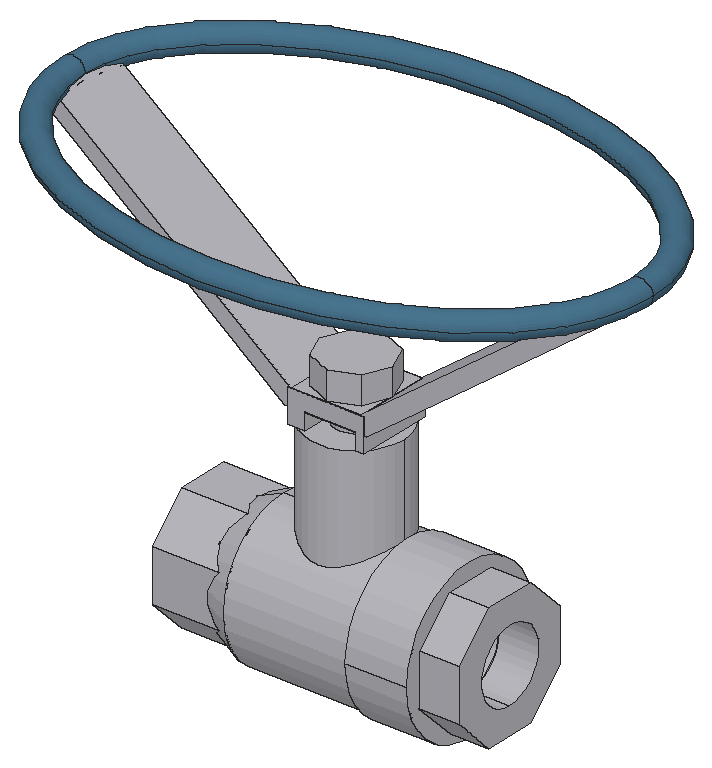
Revit family "200AOH-Ball-Valve", category Pipe Accessories, Revit 2018
Family settings
  Round Connector Dimension = Use Diameter
  Part Type = Valve - Breaks Into
  OmniClass Number = 23.60.30.11.14
  OmniClass Title = Pipework Fittings
  Work Plane-Based = No
  Always vertical = Yes
  Cut with Voids When Loaded = No
  Shared = No
Parameters
  Weight [instance] = size_lookup(LookupTable, "Weight", "NA", Nominal Diameter)  # "0.73 lbs."
  URL = "http://fnw.com"
  Standards Lookup Table = "Standards"  # constant formula
  Product ID Handle [instance] = size_lookup(LookupTable, "ProductIDHandle", "NA", Nominal Diameter)  # "4448728"
  Product ID [instance] = size_lookup(LookupTable, "ProductID", "NA", Nominal Diameter)  # "4106091"
  Pipe Diameter [instance] = size_lookup(Standards Lookup Table, "pipe_dia", 0", Nominal Diameter)  # 0.54"
  Part Number Handle [instance] = size_lookup(LookupTable, "PartNumberHandle", "NA", Nominal Diameter)  # "FNW310AOHBD"
  Part Number [instance] = size_lookup(LookupTable, "PartNumber", "NA", Nominal Diameter)  # "FNW200AB"
  PIpe Radius [instance] = Pipe Diameter / 2  # 0.27"
  NPT Insert [instance] = size_lookup(Standards Lookup Table, "NPT_insert", 0", Nominal Diameter)  # 0.4018"
  Manufacturer = "FNW"  # constant formula
  Description BOM Handle [instance] = size_lookup(LookupTable, "Description_BOMHandle", "NA", Nominal Diameter)  # "1/4 - 1/2 OVAL Handle Kit 200A/310A BV"
  Description BOM [instance] = size_lookup(LookupTable, "Description_BOM", "NA", Nominal Diameter)  # "1/4 Stainless Steel 1000# Threaded 2 Piece Full Port BV"
  3_Z4 [instance] = size_lookup(LookupTable, "3_Z4", 0", Nominal Diameter)  # 0"
  3_Z3 [instance] = size_lookup(LookupTable, "3_Z3", 0", Nominal Diameter)  # 1 5/16"
  3_Z2 [instance] = size_lookup(LookupTable, "3_Z2", 0", Nominal Diameter)  # 1/8"
  3_Z1 [instance] = size_lookup(LookupTable, "3_Z1", 0", Nominal Diameter)  # 1 5/8"
  Z3 [instance] = size_lookup(LookupTable, "Z3", 0", Nominal Diameter)  # 13/64"
  Z2 [instance] = size_lookup(LookupTable, "Z2", 0", Nominal Diameter)  # 1.35175"
  Z1 [instance] = size_lookup(LookupTable, "Z1", 0", Nominal Diameter)  # 1.22675"
  3_Y1 [instance] = size_lookup(LookupTable, "3_Y1", 0", Nominal Diameter)  # 2.8"
  3_X1 [instance] = size_lookup(LookupTable, "3_X1", 0", Nominal Diameter)  # 4.21"
  3_X3 [instance] = size_lookup(LookupTable, "3_X3", 0", Nominal Diameter)  # 9/16"
  X7 [instance] = size_lookup(LookupTable, "X7", 0", Nominal Diameter)  # 1.14"
  X6 [instance] = size_lookup(LookupTable, "X6", 0", Nominal Diameter)  # 2.28"
  X5 [instance] = size_lookup(LookupTable, "X5", 0", Nominal Diameter)  # 0.30135"
  X4 [instance] = size_lookup(LookupTable, "X4", 0", Nominal Diameter)  # 0.456"
  X3 [instance] = size_lookup(LookupTable, "X3", 0", Nominal Diameter)  # 0.92085"
  X2 [instance] = size_lookup(LookupTable, "X2", 0", Nominal Diameter)  # 0.2"
  3_X2 [instance] = size_lookup(LookupTable, "3_X2", 0", Nominal Diameter)  # 0"
  X1 [instance] = size_lookup(LookupTable, "X1", 0", Nominal Diameter)  # 0.4018"
  Show Lever Clearance [instance] = no
  R3 [instance] = size_lookup(LookupTable, "R3", 0", Nominal Diameter)  # 0.58125"
  R2 [instance] = size_lookup(LookupTable, "R2", 0", Nominal Diameter)  # 0.558"
  R1_Diam [instance] = R1 * 2  # 0.93"
  R1 [instance] = size_lookup(LookupTable, "R1", 0", Nominal Diameter)  # 0.465"
  Order Number [instance] = size_lookup(LookupTable, "OrderNumber", "NA", Nominal Diameter)  # "NA"
  Nominal Radius [instance] = Nominal Diameter / 2  # 1/8"
  Nominal Diameter [instance] = 1/4"
  LookupTable = "valve-ball-threaded-2P-oval"  # constant formula
  HexAngle1 [instance] = 135.00°
  D3 [instance] = size_lookup(LookupTable, "D3", 0", Nominal Diameter)  # 1/2"
  D2 [instance] = size_lookup(LookupTable, "D2", 0", Nominal Diameter)  # 5/16"
  D1 [instance] = size_lookup(LookupTable, "D1", 0", Nominal Diameter)  # 0.7125"
  3_L1 [instance] = size_lookup(LookupTable, "3_L1", 0", Nominal Diameter)  # 1/8"
  3_D1 [instance] = size_lookup(LookupTable, "3_D1", 0", Nominal Diameter)  # 3/16"
Reference planes (in)
  plane 1 "Center (Front/Back)": y = 0
  plane 2: z = 0
  plane 3 "Center (Left/Right)": x = 0
  plane 4 "X7 End": x = -1.14
  plane 5 "D1 Top": z = 1.22675
  plane 6 "D2 Top": z = 1.35175
  plane 7: x = -0.7382
  plane 8: x = -0.5382
  plane 9: x = 0.38265
  plane 10 "Face EXT": x = 0.83865
  plane 11: x = 1.14
  plane 12 "R3 Top": z = 0.58125
  plane 13 "R2 Top": z = 0.558
  plane 14 "R1 Top": z = 0.465
  plane 15: x = 1.14
  plane 16 "Pipe radius": z = 0.27
  plane 17 "NPT": x = -0.7382
  plane 18 "NPT 2": x = 0.7382
Forms (in)
  Extrusion 1, solid, material "Steel, Stainless"
    sketch origin (0, 0, 0) x (1, 0, 0) y (0, 1, 0)
      loop
        circle (0, 0) r 0.15625
    from 1.22675 to 1.35175
  Revolve 2, solid, material "Steel, Stainless"
    sketch origin (0, 0, 0) x (1, 0, 0) y (0, 0, 1)
      loop
        line (-0.7382, 0.465) -> (-0.7382, 0.27) -> (0.38265, 0.27) -> (0.38265, 0.558) -> (-0.5382, 0.558) -> (-0.7382, 0.465)
      axis (0.38265, 0) -> (-0.7382, 0)
    angle from 0 to 360
  Sweep 3, solid, material "Steel, Stainless"
    path origin (0, 0, 0) x (1, 0, 0) y (0, 0, 1)
      loop
        line (-1.14, 0) -> (1.14, 0)
    profile origin (0, 0, 0) x (0, 0, 1) y (0, -1, 0)
      loop
        circle (0, 0) r 0.27
      loop
        line (0.19261, 0.465) -> (-0.19261, 0.465) -> (-0.465, 0.19261) -> (-0.465, -0.19261) -> (-0.19261, -0.465) -> (0.19261, -0.465) -> (0.465, -0.19261) -> (0.465, 0.19261) -> (0.19261, 0.465)
  Extrusion 4, solid, material "Steel, Stainless"
    sketch origin (0, 0, 0) x (0, 1, 0) y (0, 0, 1)
      loop
        circle (0, 0) r 0.58125
      loop
        circle (0, 0) r 0.27
    from 0.38265 to 0.83865
  Extrusion 5, solid, material "Steel, Stainless"
    sketch origin (0, 0, 0.27) x (-1, 0, 0) y (0, -1, 0)
      loop
        circle (0, 0) r 0.35625
    from 0 to 0.95675
  Extrusion 6, solid, material "Steel, Stainless", not visible
    sketch origin (-0.7382, 0, 0) x (0, 0, 1) y (0, -1, 0)
      loop
        circle (0, 0) r 0.125
    from 0 to 1.4764
Dimensions and locks (in)
  "X7": plane 4 "X7 End" to plane 3 "Center (Left/Right)"
  "Z1": plane 5 "D1 Top" to plane 2
  "Z2": plane 6 "D2 Top" to plane 2
  "X1": plane 4 "X7 End" to plane 7
  "X2": plane 8 to plane 7
  "X3": plane 9 to plane 8
  "X4": plane 10 "Face EXT" to plane 9
  "X5": plane 11 to plane 10 "Face EXT"
  "R3": plane 12 "R3 Top" to plane 2
  "R2": plane 13 "R2 Top" to plane 2
  "R1": plane 14 "R1 Top" to plane 2
  "PIpe Radius": Revolve 2 sketch curve to plane 2
  "X6": plane 4 "X7 End" to plane 15
  equal spacing: Sweep 3 sketch curve, plane 1 "Center (Front/Back)", Sweep 3 sketch curve  (x4)
  "R1_Diam": Sweep 3 sketch curve to Sweep 3 sketch curve  (x4)
  Sweep 3 to Sweep 3 = 0.93"  (x5)
  "R1_Diam": Sweep 3 to Sweep 3  (x4)
  "PIpe Radius": plane 16 "Pipe radius" to plane 2
  "NPT Insert": plane 4 "X7 End" to plane 17 "NPT"
  "NPT Insert": plane 11 to plane 18 "NPT 2"
  "D2": diameter of Extrusion 1 sketch curve
  "R3": radius of Extrusion 4 sketch curve
  "PIpe Radius": radius of Extrusion 4 sketch curve
  "PIpe Radius": radius of Sweep 3 sketch curve
  radius of Sweep 3 sketch curve = 0.27"
  "D1": diameter of Extrusion 5 sketch curve
  "Nominal Radius": radius of Extrusion 6 sketch curve
  angle Sweep 3 sketch curve to Sweep 3 sketch curve = 135.00°  (x6)
  angle Sweep 3 to Sweep 3 = 135.00°  (x6)
  aligned and locked: plane 2 to level
  aligned and locked: Extrusion 1 to plane 5 "D1 Top"
  aligned and locked: plane 6 "D2 Top" to Extrusion 1
  aligned and locked: Revolve 2 sketch curve to plane 13 "R2 Top"
  aligned and locked: plane 7 to Revolve 2 sketch curve
  aligned and locked: Extrusion 4 to plane 9
  aligned and locked: plane 10 "Face EXT" to Extrusion 4
  aligned and locked: Sweep 3 sketch curve to level
  aligned and locked: plane 5 "D1 Top" to Extrusion 5
  aligned and locked: plane 18 "NPT 2" to Extrusion 6
Automatic sketch dimensions
  plane 4 "X7 End" to Sweep 3 sketch curve = 0"
  Sweep 3 sketch curve to plane 11 = 0"
  plane 1 "Center (Front/Back)" to Extrusion 1 sketch curve = 0"
  Extrusion 1 sketch curve to plane 3 "Center (Left/Right)" = 0"
  Revolve 2 sketch curve to level = 0"
  Revolve 2 sketch curve to plane 8 = 0"
  Revolve 2 sketch curve to plane 9 = 0"
  Revolve 2 sketch curve to plane 14 "R1 Top" = 0"
  plane 4 "X7 End" to Revolve 2 sketch curve = 1.81248"
  plane 11 to Revolve 2 sketch curve = 4.72422"
  Sweep 3 sketch curve to plane 1 "Center (Front/Back)" = 0"
  profile plane to Sweep 3 sketch curve = 0"
  Extrusion 4 sketch curve to Extrusion 4 sketch curve = 0"  (x2)
  Extrusion 4 sketch curve to level = 0"
  Extrusion 4 sketch curve to plane 1 "Center (Front/Back)" = 0"
  plane 1 "Center (Front/Back)" to Extrusion 5 sketch curve = 0"
  Extrusion 5 sketch curve to plane 3 "Center (Left/Right)" = 0"
  Extrusion 6 sketch curve to level = 0"
  Extrusion 6 sketch curve to plane 1 "Center (Front/Back)" = 0"
Nested families (in)
  nested 1: "Oval Handle 200AOH" at (0, 0, 1.35175), 3_D1 <- "3_D1", 3_L1 <- "3_L1", 3_X1 <- "3_X1", 3_X3 <- "3_X3", 3_Y1 <- "3_Y1", 3_Z1 <- "3_Z1", 3_Z2 <- "3_Z2", 3_Z3 <- "3_Z3", D3 <- "D3", Z3 <- "Z3", Description BOM <- "Description BOM Handle", Part Number <- "Part Number Handle", Product ID <- "Product ID Handle", type "Oval Handle 200AOH"
    with b 2.105", a 1 11/32", Z3 13/64", Show Lever Clearance yes, Product ID "4448728", Part Number "FNW310AOHBD", Description BOM "1/4 - 1/2 OVAL Handle Kit 200A/310A BV", D3 1/2", Center of Oval Handle 1 15/32", Angle Hex Head 135.00°, 3_Z3 1 5/16", 3_Z2 1/8", 3_Z1 1 5/8", 3_Y1 2.8", 3_X3 9/16", 3_X1 4.21", 3_L1_Half 1/16", 3_L1 1/8", 3_D1_Radius 3/32", 3_D1 3/16"
Connectors (in)
  piping at (-0.7382, 0, 0), diameter 0.25, driven by "Nominal Diameter"
    settings: on Extrusion 6, index 1, connector inside diameter 24", connector length 0", flow factor 0, pipe flow 0 GPM, pressure drop 0.00 psi, fitting loss kfactor 0, connector angle 0.00°, fixture units 0, engagement length 0", angle of deflection 0.00°, flow configuration 0, flow direction 0, fitting loss method 0, system type 7, joint type 0, gender type 0, connector reference index 2, connector utility 0, adjustable connector no, is connector primary yes, connector description ""
  piping at (0.7382, 0, 0), diameter 0.25, driven by "Nominal Diameter"
    settings: on Extrusion 6, index 2, connector inside diameter 24", connector length 0", flow factor 0, pipe flow 0 GPM, pressure drop 0.00 psi, fitting loss kfactor 0, connector angle 0.00°, fixture units 0, engagement length 0", angle of deflection 0.00°, flow configuration 0, flow direction 0, fitting loss method 0, system type 7, joint type 0, gender type 0, connector reference index 1, connector utility 0, adjustable connector no, is connector primary no, connector description ""
Definition of nested family "Oval Handle 200AOH"
  Parameters (values of type "Oval Handle")
    b [instance] = [3_X1] / 2  # 2.105"
    a [instance] = Center of Oval Handle - [3_L1]  # 1 11/32"
    Z3 [instance] = 0.14279"
    Product ID [instance] = ""
    Part Number [instance] = ""
    Description BOM [instance] = ""
    D3 [instance] = 0.27676"
    Center of Oval Handle [instance] = ([3_Z1] - [3_Z3]) / 2 + ([3_Z3])  # 1 15/32"
    Angle 2 = 45.00°
    Show Lever Clearance [instance] = yes
    Default Elevation = 48"
    Angle Hex Head [instance] = 135.00°
    3_Z3 [instance] = 1 5/16"
    3_Z2 [instance] = 1/8"
    3_Z1 [instance] = 1 5/8"
    3_Y1 [instance] = 2.8"
    3_X3 [instance] = 9/16"
    3_X1 [instance] = 4.21"
    3_L1_Half [instance] = [3_L1] / 2  # 1/16"
    3_L1 [instance] = 1/8"
    3_D1_Radius [instance] = [3_D1] / 2  # 0.1565"
    3_D1 [instance] = 0.313"
  Reference planes (in)
    plane 1 "Center (Front/Back)": y = 0
    plane 2: z = 0
    plane 3 "Center (Left/Right)": x = 0
    plane 4: y = 1
    plane 5: y = -1
    plane 6: y = 1.03125
    plane 7: y = -1.03125
    plane 8: x = -0.28125
    plane 9: x = 0.28125
    plane 10 "Z3_Base": z = 0.125
    plane 11: z = -0.125
    plane 12: z = 1.625
    plane 13: z = 1.3125
    plane 14: x = -2.105
    plane 15: x = 2.105
    plane 16: x = -1.28
    plane 17: x = 1.28
    plane 18: x = -0.15625
    plane 19: x = 0.21875
    plane 20: y = 1.4
    plane 21 "Center of Oval Side View": y = -1.4
    plane 22 "Centerline Oval Handle": z = 1.46875
    plane 23: y = 0.28125
    plane 24: y = -0.28125
    plane 25: z = 0.26779
  Forms (in)
    Extrusion 1, solid
      sketch origin (0, 0, 0) x (1, 0, 0) y (0, 1, 0)
        loop
          line (-48, 48) -> (-48, -48) -> (48, -48) -> (48, 48) -> (-48, 48)
      from 0 to -12
    Sweep 2, solid
      path origin (0, 0, 1.46875) x (0, -1, 0) y (1, 0, 0)
        loop
          spline (0, -2.105) -> (0.36235, -2.03327) -> (0.7, -1.82298) -> (0.98995, -1.48846) -> (1.21244, -1.0525) -> (1.3523, -0.54481) -> (1.4, 0) -> (1.3523, 0.54481) -> (1.21244, 1.0525) -> (0.98995, 1.48846) -> (0.7, 1.82298) -> (0.36235, 2.03327) -> (0, 2.105)
          spline (0, 2.105) -> (-0.36235, 2.03327) -> (-0.7, 1.82298) -> (-0.98995, 1.48846) -> (-1.21244, 1.0525) -> (-1.3523, 0.54481) -> (-1.4, 0) -> (-1.3523, -0.54481) -> (-1.21244, -1.0525) -> (-0.98995, -1.48846) -> (-0.7, -1.82298) -> (-0.36235, -2.03327) -> (0, -2.105)
      profile origin (0, 1.4, 1.46875) x (0, 1, 0) y (0, 0, 1)
        loop
          circle (0, 0) r 0.1565
    Extrusion 3, solid
      sketch origin (0, 0, 0) x (1, 0, 0) y (0, 0, 1)
        loop
          line (-0.28125, -0.125) -> (-0.15625, -0.125) -> (-0.15625, 0) -> (0.21875, 0) -> (0.21875, -0.125) -> (0.28125, -0.125) -> (0.28125, 0.125) -> (-0.28125, 0.125) -> (-0.28125, -0.125)
      from -0.28125 to 0.28125
    Sweep 4, solid
      path origin (0, 0, 0) x (1, 0, 0) y (0, 0, 1)
        loop
          line (-2.105, 1.46875) -> (-0.28125, 0.0625) -> (0.28125, 0.0625) -> (2.105, 1.46875)
      profile origin (-1.19312, 0, 0.76563) x (0.610628, 0, 0.791917) y (0, -1, 0)
        loop
          line (0.0625, -0.28125) -> (0.0625, 0.28124) -> (-0.0625, 0.28124) -> (-0.0625, -0.28125) -> (0.0625, -0.28125)
    Extrusion 5, solid
      sketch origin (0, 0, 1.46875) x (0, -1, 0) y (1, 0, 0)
        loop
          line (0.14978, 0) -> (0.10591, 0.10591) -> (0, 0.14978) -> (-0.10591, 0.10591) -> (-0.14978, 0) -> (-0.10591, -0.10591) -> (0, -0.14978) -> (0.10591, -0.10591) -> (0.14978, 0)
      from -1.34375 to -1.20096
  Lines and regions (in)
    reference lines
      curve 1: line (0, 0, 3.375) -> (0, 0, -1.625)
  Text (in)
    text "3_X1 -Center of Sweep" at (6.95247, 0, 9.12543), in view "Front"
    text "3_Y1 - Other view Left Oval Center" at (8.35736, 0, 8.09025), in view "Front"
  Dimensions and locks (in)
    equal spacing: plane 4, plane 1 "Center (Front/Back)", plane 5
    plane 4 to plane 5 = 2"
    plane 5 to plane 7 = 1/32"
    plane 6 to plane 4 = 1/32"
    equal spacing: plane 9, plane 3 "Center (Left/Right)", plane 8
    "3_X3": plane 9 to plane 8
    "3_L1": plane 10 "Z3_Base" to plane 2
    "3_Z2": plane 2 to plane 11
    "3_Z1": plane 12 to plane 2
    "3_Z3": plane 13 to plane 2
    equal spacing: plane 14, plane 3 "Center (Left/Right)", plane 15
    "3_X1": plane 14 to plane 15
    plane 14 to plane 16 = 0.825"
    plane 15 to plane 17 = 0.825"
    "3_L1": plane 18 to plane 8
    "3_L1_Half": plane 19 to plane 9
    equal spacing: plane 20, plane 1 "Center (Front/Back)", plane 21 "Center of Oval Side View"
    "3_Y1": plane 20 to plane 21 "Center of Oval Side View"
    "Center of Oval Handle": plane 22 "Centerline Oval Handle" to plane 2
    equal spacing: plane 23, plane 1 "Center (Front/Back)", plane 24
    "3_X3": plane 23 to plane 24
    equal spacing: Sweep 4 sketch curve, profile plane, Sweep 4 sketch curve
    "3_L1": Sweep 4 sketch curve to Sweep 4 sketch curve
    "3_L1_Half": Sweep 4 sketch curve to plane 2
    equal spacing: Extrusion 5 sketch curve, curve 1, Extrusion 5 sketch curve  (x4)
    "D3": Extrusion 5 sketch curve to Extrusion 5 sketch curve  (x4)
    "Z3": plane 25 to plane 10 "Z3_Base"
    "3_D1_Radius": radius of Sweep 2 sketch curve
    "Angle Hex Head": angle Extrusion 5 sketch curve to Extrusion 5 sketch curve  (x7)
    aligned and locked: plane 2 to Extrusion 1
    aligned and locked: level to Extrusion 1
    aligned and locked: curve 1 to plane 3 "Center (Left/Right)"
    aligned and locked: plane 20 to Sweep 2 sketch curve
    aligned and locked: plane 21 "Center of Oval Side View" to Sweep 2 sketch curve
    aligned and locked: plane 15 to Sweep 2 sketch curve
    aligned and locked: plane 14 to Sweep 2 sketch curve
    aligned and locked: plane 23 to Extrusion 3
    aligned and locked: Extrusion 3 to plane 24
    aligned and locked: plane 14 to Sweep 4 sketch curve
    aligned and locked: plane 22 "Centerline Oval Handle" to Sweep 4 sketch curve  (x2)
    aligned and locked: plane 15 to Sweep 4 sketch curve
    aligned and locked: plane 10 "Z3_Base" to Extrusion 5
    aligned and locked: Extrusion 5 to plane 25
  Automatic sketch dimensions
    Extrusion 1 sketch curve to Extrusion 1 sketch curve = 96"  (x2)
    curve 1 to level = 1 5/8"
    level to curve 1 = 3 3/8"
    Extrusion 3 sketch curve to plane 8 = 0"
    Extrusion 3 sketch curve to plane 11 = 0"  (x2)
    Extrusion 3 sketch curve to plane 18 = 0"
    Extrusion 3 sketch curve to level = 0"
    Extrusion 3 sketch curve to plane 19 = 0"
    Extrusion 3 sketch curve to plane 9 = 0"
    Extrusion 3 sketch curve to plane 10 "Z3_Base" = 0"
    plane 22 "Centerline Oval Handle" to Sweep 2 sketch curve = 0"
    Sweep 2 sketch curve to profile plane = 0"
    Sweep 4 sketch curve to plane 8 = 0"
    Sweep 4 sketch curve to plane 9 = 0"
    Sweep 4 sketch curve to plane 1 "Center (Front/Back)" = 9/32"
    plane 1 "Center (Front/Back)" to Sweep 4 sketch curve = 9/32"
    plane 1 "Center (Front/Back)" to Extrusion 5 sketch curve = 0"
